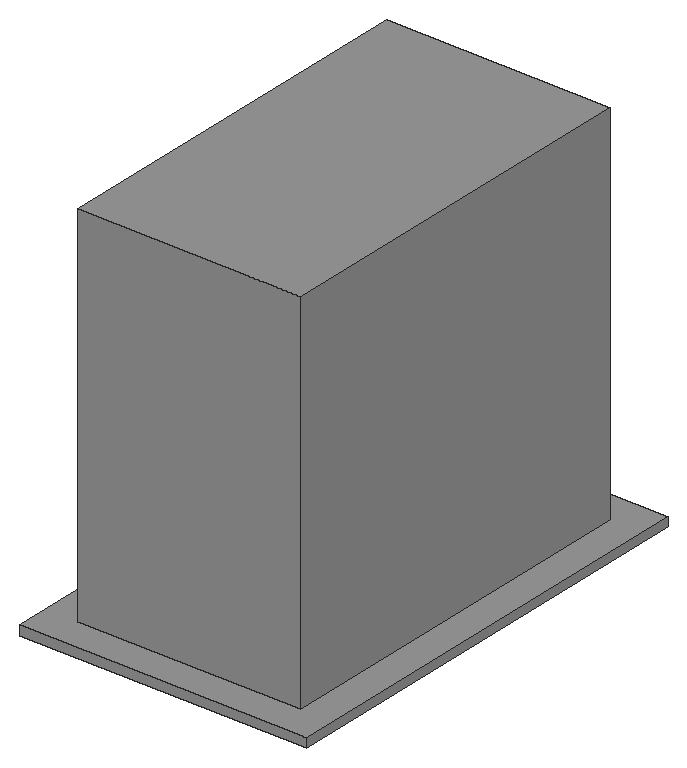
Revit family "KKDC_SpotLight_LiNi_XL_Spot_Recessed_2R_3000K", category 조명 설비, Revit 2024
Family settings
  호스트 = 천장
  원형 커넥터 치수 = 지름 사용
  부품 유형 = 배선함
  OmniClass 번호 = 23.80.70.11
  OmniClass 제목 = Luminaries for Internal Lighting
  항상 수직 = 예
  로드될 때 보이드를 사용하여 절단 = 예
  광원 = 예
  주석 방향 유지 = 아니오
  공유 = 아니오
  룸 계산 점 = 아니오
Parameters (values of type "LiNi XL Spot Recessed 2R")
  측광 웹 파일 = "LiNi XL SPOT_2R.IES"
  Emit from Rectangle Width = 56 mm
  Emit from Rectangle Length = 30 mm
  와티지 해설 = "4W"
  Wattage = 4 W
  built-in parameter 1150110 = 1 (stored number, unit not read)
  built-in parameter 1114217 = 1 (stored number, unit not read)
  built-in parameter 1150109 = 1 (stored number, unit not read)
  built-in parameter 1150134 = (empty or 0)
  built-in parameter 1150113 = 1 (stored number, unit not read)
  Emit Shape Visible in Rendering = yes
  램프 = "Highpower"
  Default Elevation = 0 mm
  Lumens = 300 lm
  Tilt Angle = 90.00°
  built-in parameter 1150115 = 1 (stored number, unit not read)
  built-in parameter 1150105 = 23.873 (stored number, unit not read)
  built-in parameter 1150137 = (empty or 0)
  built-in parameter 1150139 = (empty or 0)
  built-in parameter 1150112 = 1 (stored number, unit not read)
  built-in parameter 1150114 = 1 (stored number, unit not read)
  built-in parameter 1150132 = (empty or 0)
  built-in parameter 1150102 = (empty or 0)
  built-in parameter 1150138 = (empty or 0)
  built-in parameter 1150107 = 3000 (stored number, unit not read)
  built-in parameter 1150106 = 0.23873 (stored number, unit not read)
  built-in parameter 1150104 = 6.9677 (stored number, unit not read)
  Dimming Lamp Color Temperature Shift = (empty or 0)
  Color Filter = 16777215
  built-in parameter 1114218 = 1 (stored number, unit not read)
  built-in parameter 1150133 = 10 (stored number, unit not read)
Reference planes
  plane 1 "광원 축(F/B)": y = 0
  plane 2 "천장": z = 2438.4
  plane 3 "광원 축(L/R)": x = 0
  plane 4 "광원 입면도": z = 2436.9
  plane 5: z = 2438.4
  plane 6 "Connector": z = 2438.4
Forms (mm)
  Extrusion 1, solid, material "알루미늄"
    sketch origin (0, 0, 0) x (0, 1, 0) y (0, 0, 1)
      loop
        line (35.4, 2438.4) -> (-35.4, 2438.4) -> (-35.4, 2436.9) -> (35.4, 2436.9) -> (35.4, 2438.4)
    from -22.5 to 22.5
  Extrusion 2, solid, material "알루미늄"
    sketch origin (0, 17.5, 0) x (0, 1, 0) y (0, 0, 1)
      loop
        line (12.75, 2496.4) -> (-47.75, 2496.4) -> (-47.75, 2438.4) -> (12.75, 2438.4) -> (12.75, 2496.4)
    from -17.5 to 17.5
Dimensions and locks
  equal spacing: host sketch curve, plane 3 "광원 축(L/R)", host sketch curve
  equal spacing: host sketch curve, plane 1 "광원 축(F/B)", host sketch curve
  host sketch curve to host sketch curve = 3048 mm  (x2)
  aligned and locked: plane 3 "광원 축(L/R)" to imposter light
  aligned and locked: plane 1 "광원 축(F/B)" to imposter light
  aligned and locked: plane 4 "광원 입면도" to imposter light
Connectors
  electrical at (0, 0, 2438.4)
    settings: index 1, voltage 4 V, apparent load 0 VA, apparent load phase1 0 VA, apparent load phase2 0 VA, apparent load phase3 0 VA, power factor 1, load classification "조명", number of poles 1, system type 31, power factor state 1, is connector primary yes, connector utility no, sub classification motor no, connector description ""
